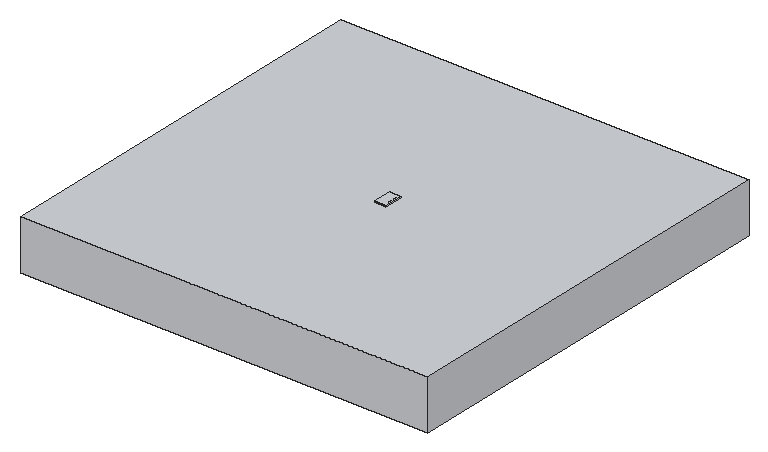
Revit family "Data Outlet", category Data Devices, host Face, Revit 2023
Family settings
  Host = Face
  Round Connector Dimension = Use Diameter
  Part Type = Normal
  OmniClass Number = 23.85.50.17.11
  OmniClass Title = Computer Network Equipment
  Cut with Voids When Loaded = No
  Maintain Annotation Orientation = Yes
  Shared = No
  Room Calculation Point = No
Parameters (values of type "Plain")
  Node [instance] = ""
  Label = ""
  Default Elevation = 1' - 6"
  Assembly Code = ""
Reference planes (in)
  plane 1 "Center (Front/Back)": y = 0
  plane 2: z = 0
  plane 3 "Center (Left/Right)": x = 0
  plane 4 "Left Inside": x = -0.75
  plane 5 "Right Inside": x = 0.75
  plane 6 "Top Inside": y = 1.5
  plane 7 "Bottom Inside": y = -1.5
  plane 8 "Left Outside": x = -1.375
  plane 9 "Right Outside": x = 1.375
  plane 10 "Top Outside": y = 2.25
  plane 11 "Bottom Outside": y = -2.25
  plane 12 "Front": z = 0.1875
  plane 13 "Back": z = -2.125
Forms (in)
  Extrusion 1, solid
    sketch origin (0, 0, 0) x (1, 0, 0) y (0, 1, 0)
      loop
        line (-49.63881, 48) -> (-49.63881, -48) -> (48, -48) -> (48, 48) -> (-49.63881, 48)
    from 0 to -12
  Extrusion 2, solid
    sketch origin (0, 0, 0) x (1, 0, 0) y (0, 1, 0)
      loop
        line (-0.75, 1.5) -> (-0.75, -1.5) -> (0.75, -1.5) -> (0.75, 1.5) -> (-0.75, 1.5)
    from 0 to -2.125
  Extrusion 3, solid
    sketch origin (0, 0, 0) x (1, 0, 0) y (0, 1, 0)
      loop
        line (-1.375, 2.25) -> (-1.375, -2.25) -> (1.375, -2.25) -> (1.375, 2.25) -> (-1.375, 2.25)
    from 0 to 0.1875
Lines and regions (in)
  symbolic lines, detail levels fine
    curve 1: line (-1.375, 0, 0) -> (1.375, 0, 0)
    curve 2: line (-1.375, 0, 0.1875) -> (-1.375, 0, 0)
    curve 3: line (1.375, 0, 0.1875) -> (-1.375, 0, 0.1875)
    curve 4: line (1.375, 0, 0) -> (1.375, 0, 0.1875)
    curve 5: line (0.75, 0, -2.125) -> (0.75, 0, 0)
    curve 6: line (-0.75, 0, -2.125) -> (0.75, 0, -2.125)
    curve 7: line (-0.75, 0, 0) -> (-0.75, 0, -2.125)
Dimensions and locks (in)
  equal spacing: plane 4 "Left Inside", plane 3 "Center (Left/Right)", plane 5 "Right Inside"
  locked: plane 4 "Left Inside" to plane 5 "Right Inside" at 1.5
  equal spacing: plane 6 "Top Inside", plane 1 "Center (Front/Back)", plane 7 "Bottom Inside"
  locked: plane 6 "Top Inside" to plane 7 "Bottom Inside" at 3
  equal spacing: plane 8 "Left Outside", plane 3 "Center (Left/Right)", plane 9 "Right Outside"
  locked: plane 8 "Left Outside" to plane 9 "Right Outside" at 2.75
  equal spacing: plane 10 "Top Outside", plane 1 "Center (Front/Back)", plane 11 "Bottom Outside"
  locked: plane 10 "Top Outside" to plane 11 "Bottom Outside" at 4.5
  locked: plane 12 "Front" to plane 2 at 0.1875
  locked: plane 2 to plane 13 "Back" at 2.125
  aligned and locked: plane 2 to Extrusion 1
  aligned and locked: level to Extrusion 1
  aligned and locked: plane 4 "Left Inside" to Extrusion 2 sketch curve
  aligned and locked: Extrusion 2 sketch curve to plane 6 "Top Inside"
  aligned and locked: plane 7 "Bottom Inside" to Extrusion 2 sketch curve
  aligned and locked: Extrusion 2 sketch curve to plane 5 "Right Inside"
  aligned and locked: Extrusion 2 to plane 13 "Back"
  aligned and locked: plane 8 "Left Outside" to Extrusion 3 sketch curve
  aligned and locked: Extrusion 3 sketch curve to plane 10 "Top Outside"
  aligned and locked: plane 11 "Bottom Outside" to Extrusion 3 sketch curve
  aligned and locked: Extrusion 3 sketch curve to plane 9 "Right Outside"
  aligned and locked: plane 12 "Front" to Extrusion 3
  aligned and locked: plane 8 "Left Outside" to curve 2
  aligned and locked: curve 4 to plane 9 "Right Outside"
  aligned and locked: plane 12 "Front" to curve 3
  aligned and locked: curve 1 to level
  aligned and locked: curve 7 to plane 4 "Left Inside"
  aligned and locked: plane 5 "Right Inside" to curve 5
  aligned and locked: curve 6 to plane 13 "Back"
  aligned and locked: plane 2 to curve 7
  aligned and locked: plane 8 "Left Outside" to curve 1
Automatic sketch dimensions
  Extrusion 1 sketch curve to Extrusion 1 sketch curve = 8' - 1.63881"
  Extrusion 1 sketch curve to Extrusion 1 sketch curve = 8' - 0"
Nested families (in)
  nested 1: "Data Annotation" at (0, 1.5, 0), type "Data Annotation", detail levels coarse+medium
Connectors (in)
  electrical at (0, 1.5, -1.0625)
    settings: on Extrusion 2, index 1, voltage 0 V, apparent load 0 VA, apparent load phase1 0 VA, apparent load phase2 0 VA, apparent load phase3 0 VA, power factor 0, load classification "Other", number of poles 1, system type 5, power factor state 1, is connector primary yes, connector utility no, sub classification motor no, connector description ""
Definition of nested family "Data Annotation"
  Parameters
    Label Annotation = ""
  Reference planes (in)
    plane 1: y = 0
    plane 2: x = 0
  Lines and regions (in)
    detail lines
      curve 1: line (-0.07217, 0.125, 0) -> (0.07217, 0.125, 0)
      curve 2: line (0.07217, 0.125, 0) -> (0, 0, 0)
      curve 3: line (0, 0, 0) -> (-0.07217, 0.125, 0)
  Text (in)
    label "W" at (0.04207, -0.00273, 0), shows "Label Annotation"
